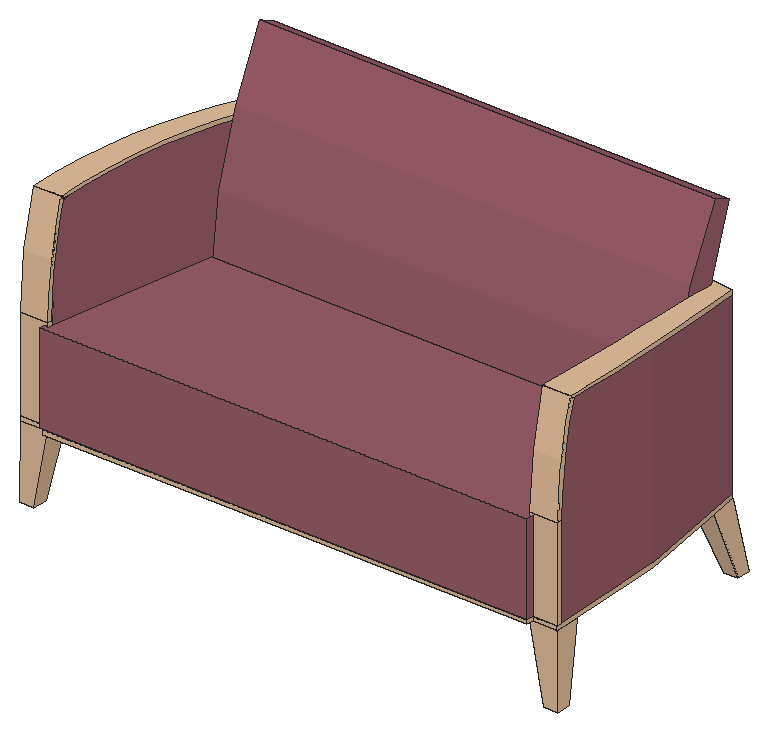
Revit family "FU_Sofa_Sandler_MAYFAIR 5-0", category Furniture, Revit 2020
Family settings
  OmniClass Number = 23.21.23.15.17
  Work Plane-Based = Yes
  Always vertical = No
  Cut with Voids When Loaded = No
  Shared = No
  Room Calculation Point = No
Parameters (values of type "Mayfair 5.0")
  Youtube clip = ""
  Uniformat II Description = "Movable Furnishings"
  Uniformat II Code = ""
  Uniclass 2015 Name = ""
  Uniclass 2015 Code = ""
  Uniclass 2.0 Description = ""
  Uniclass 2.0 Code = ""
  Uniclass 1.4 Description = ""
  Uniclass 1.4 Code = ""
  UNSPSC Code = ""
  Technical description = ""
  Shell Material = Fabric - X2 - Subtract AK013
  Frame Material = Wood - Beech - Natural Oak
  Region South America = "All"
  Region Oceania = "All"
  Region North America = "All"
  Region Middle East = "All"
  Region Europe = "All"
  Region Asia = "All"
  Region Antarctica = "All"
  Region Africa = "All"
  QR code = "https://www.sandlerseating.com/product/charme-5-0/"
  Product url = "https://www.sandlerseating.com/product/mayfair-5-0/"
  Product name = "CHARME 5.0"
  Product group = "Sofa"
  Product family = "Furniture"
  Product data url = "https://www.sandlerseating.com/product/mayfair-5-0/"
  Product certification = ""
  Product SKU = "??"
  Product Guid = "??"
  OmniClass Description = ""
  OmniClass Code = "23-21 23 15 17"
  NBS Reference Description = ""
  NBS Reference Code = ""
  Model = "Mayfair 5.0"
  Masterformat 2014 Description = "Sofa Mats"
  Masterformat 2014 Code = "12 48 43.13"
  Manufacturer name = "Sandler"
  Manufacturer country = "USA"
  Manufacturer = "Sandler"
  Installation instructions = ""
  IFC Classification = "Furnishing Element"
  GTIN code = ""
  Edition number = 1
  Design country = "Brasil"
  Description = "Upholstered sofa with beech frame."
  Default Elevation = 0.000 mm
  Date of publishing = ""
  COBIe Type Category = ""
  Brand url = "https://www.sandlerseating.com/"
  BIMobject main category code = "furniture"
  BIMobject main category = "Furniture"
  BIMobject category code = "furniture-sofa"
  BIMobject category = "Sofa"
Reference planes
  plane 1 "Center Front/Back": y = 0
  plane 2: z = 0
  plane 3 "Center Left/Right": x = 0
Forms (mm)
  Extrusion 1, solid, material "Fabric - X2 - Subtract AK013" <- "Shell Material"
    sketch origin (0, 116.204, 840) x (-1, 0, 0) y (0, -1, 0)
      loop
        line (634.059, 351.663) -> (568.472, 351.663)
        arc (568.472, 351.663) -> (567.394, 79.041) -> (538.919, -192.092) r 2708.786
        arc (538.919, -192.092) -> (407.379, -200.407) -> (275.58, -201.288) r 2335.36
        line (275.58, -201.288) -> (-275.58, -201.288)
        arc (-275.58, -201.288) -> (-407.379, -200.407) -> (-538.919, -192.092) r 2335.36
        arc (-538.919, -192.092) -> (-567.394, 79.041) -> (-568.472, 351.663) r 2708.786
        line (-568.472, 351.663) -> (-634.059, 351.663)
        arc (-634.059, 351.663) -> (-624.006, 57.422) -> (-576.932, -233.203) r 2330.348
        arc (-576.932, -233.203) -> (-430.106, -251.925) -> (-282.104, -253.819) r 1298.695
        line (-282.104, -253.819) -> (282.104, -253.819)
        arc (282.104, -253.819) -> (430.106, -251.925) -> (576.932, -233.203) r 1298.695
        arc (576.932, -233.203) -> (624.006, 57.422) -> (634.059, 351.663) r 2330.348
    from -656.991 to -186.435
  Extrusion 2, void
    sketch origin (0, 116.204, 0) x (0, 1, 0) y (0, 0, 1)
      loop
        arc (-346.641, 402.951) -> (-335.609, 525.269) -> (-308.303, 645.009) r 915.499
        arc (-308.303, 645.009) -> (-22.778, 634.001) -> (261.148, 601.887) r 3857.47
        line (261.148, 601.887) -> (261.148, 663.565) -> (-383.852, 663.565) -> (-383.852, 153.625) -> (-346.641, 153.625) -> (-346.641, 402.951)
    from -676.713 to 832.316
  Extrusion 3, solid, material "Wood - Beech - Natural Oak" <- "Frame Material"
    sketch origin (0, 116.204, 0) x (0, 1, 0) y (0, 0, 1)
      loop
        arc (-346.641, 402.951) -> (-335.609, 525.269) -> (-308.303, 645.009) r 915.499
        line (-308.303, 645.009) -> (-316.322, 653.028)
        arc (-316.322, 653.028) -> (-345.07, 529.432) -> (-356.641, 403.065) r 925.499
        line (-356.641, 403.065) -> (-356.641, 183.009) -> (-346.641, 183.009) -> (-346.641, 402.951)
    from -663.806 to -524.894
  Extrusion 4, void
    sketch origin (0, 116.204, 0) x (1, 0, 0) y (0, 0, 1)
      loop
        line (-634.916, 660.009) -> (-634.916, 175.009) -> (-568.701, 175.009) -> (-568.701, 402.953)
        spline (-568.701, 402.953) -> (-568.77, 424.733) -> (-568.85, 446.488) -> (-568.942, 468.206) -> (-569.045, 489.876) -> (-569.16, 511.485) -> (-569.286, 533.02) -> (-569.424, 554.469) -> (-569.572, 575.821) -> (-569.732, 597.063) -> (-569.903, 618.183) -> (-570.085, 639.169) -> (-570.277, 660.009)
        line (-570.277, 660.009) -> (-634.916, 660.009)
      loop
        line (-706.722, 702.891) -> (-706.722, 142.891) -> (-498.472, 142.891) -> (-498.472, 702.891) -> (-706.722, 702.891)
    from 251.304 to 401.4
  Extrusion 5, solid, material "Wood - Beech - Natural Oak" <- "Frame Material"
    sketch origin (0.625, 116.204, 0) x (0, 1, 0) y (0, 0, -1)
      loop
        line (-346.641, -402.951) -> (-346.641, -183.009) -> (-356.641, -183.009) -> (-356.641, -403.065)
        arc (-356.641, -403.065) -> (-345.07, -529.432) -> (-316.322, -653.028) r 925.499
        line (-316.322, -653.028) -> (-308.303, -645.009)
        arc (-308.303, -645.009) -> (-335.609, -525.269) -> (-346.641, -402.951) r 915.499
    from -663.806 to -524.894
  Extrusion 6, void
    sketch origin (1205.401, 117.605, 0) x (1, 0, 0) y (0, 0, 1)
      loop
        line (-634.916, 660.009) -> (-634.916, 175.009) -> (-568.701, 175.009) -> (-568.701, 402.953)
        spline (-568.701, 402.953) -> (-568.77, 424.733) -> (-568.85, 446.488) -> (-568.942, 468.206) -> (-569.045, 489.876) -> (-569.16, 511.485) -> (-569.286, 533.02) -> (-569.424, 554.469) -> (-569.572, 575.821) -> (-569.732, 597.063) -> (-569.903, 618.183) -> (-570.085, 639.169) -> (-570.277, 660.009)
        line (-570.277, 660.009) -> (-634.916, 660.009)
      loop
        line (-706.722, 702.891) -> (-706.722, 142.891) -> (-498.472, 142.891) -> (-498.472, 702.891) -> (-706.722, 702.891)
    from 251.304 to 401.4
  Extrusion 7, solid, material "Wood - Beech - Natural Oak" <- "Frame Material"
    sketch origin (0, 116.204, 0) x (0, 1, 0) y (0, 0, 1)
      loop
        arc (-308.303, 645.009) -> (-25.833, 634.231) -> (255.089, 602.796) r 3857.47
        line (255.089, 602.796) -> (255.089, 612.796)
        arc (255.089, 612.796) -> (-29.806, 644.432) -> (-316.322, 653.028) r 3557.493
        line (-316.322, 653.028) -> (-308.303, 645.009)
    from -662.413 to 665.353
  Extrusion 8, void
    sketch origin (0, 116.204, 840) x (-1, 0, 0) y (0, -1, 0)
      loop
        arc (576.932, -233.203) -> (623.76, 54.922) -> (634.2, 346.641) r 2330.348
        line (634.2, 346.641) -> (568.701, 346.641)
        arc (568.701, 346.641) -> (567.257, 76.531) -> (538.919, -192.092) r 2708.786
        arc (538.919, -192.092) -> (407.379, -200.407) -> (275.58, -201.288) r 2335.36
        line (275.58, -201.288) -> (-275.58, -201.288)
        arc (-275.58, -201.288) -> (-407.379, -200.407) -> (-538.919, -192.092) r 2335.36
        arc (-538.919, -192.092) -> (-567.257, 76.531) -> (-568.701, 346.641) r 2708.786
        line (-568.701, 346.641) -> (-634.2, 346.641)
        arc (-634.2, 346.641) -> (-623.76, 54.922) -> (-576.932, -233.203) r 2330.348
        arc (-576.932, -233.203) -> (-430.106, -251.925) -> (-282.104, -253.819) r 1298.695
        line (-282.104, -253.819) -> (282.104, -253.819)
        arc (282.104, -253.819) -> (430.106, -251.925) -> (576.932, -233.203) r 1298.695
      loop
        line (696.539, -294.586) -> (696.539, 385.414) -> (-703.461, 385.414) -> (-703.461, -294.586) -> (696.539, -294.586)
    from -250.361 to -140
  Extrusion 9, solid, material "Fabric - X2 - Subtract AK013" <- "Shell Material"
    sketch origin (0, 116.204, 0) x (0, 1, 0) y (0, 0, 1)
      loop
        line (273.096, 777.609) -> (233.231, 796.281)
        arc (233.231, 796.281) -> (132.747, 567.702) -> (90.726, 321.573) r 1021.367
        line (90.726, 321.573) -> (201.288, 321.573)
        arc (201.288, 321.573) -> (204.845, 554.685) -> (273.096, 777.609) r 829.926
    from -538.919 to 538.919
  Extrusion 10, solid, material "Fabric - X2 - Subtract AK013" <- "Shell Material"
    sketch origin (0, 116.204, 0) x (0, 1, 0) y (0, 0, 1)
      loop
        line (-371.58, 183.009) -> (212.092, 183.009) -> (212.092, 343.733)
        arc (212.092, 343.733) -> (-78.494, 383.988) -> (-371.58, 396.718) r 3113.804
        line (-371.58, 396.718) -> (-371.58, 183.009)
    from -576.932 to 576.932
  Blend 11, solid, material "Wood - Beech - Natural Oak" <- "Frame Material"
    base sketch origin (-1.169, 122.065, 840) x (-1, 0, 0) y (0, -1, 0)
      loop
        line (633.747, 362.502) -> (600.838, 362.502) -> (600.838, 329.602) -> (633.747, 329.602) -> (633.747, 362.502)
    top sketch origin (-1.169, 122.065, 840) x (-1, 0, 0) y (0, -1, 0)
      loop
        line (633.747, 305.576) -> (633.747, 362.502) -> (568.701, 362.502) -> (568.701, 305.576) -> (633.747, 305.576)
    from -840 to -666.991
  Blend 12, solid, material "Wood - Beech - Natural Oak" <- "Frame Material"
    base sketch origin (7.5, 151.204, 840) x (-1, 0, 0) y (0, -1, 0)
      loop
        line (585.267, -244.344) -> (585.267, -212.092) -> (553.548, -212.092) -> (553.548, -244.344) -> (585.267, -244.344)
    top sketch origin (7.5, 151.204, 840) x (-1, 0, 0) y (0, -1, 0)
      loop
        line (529.326, -141.495) -> (529.326, -198.561) -> (584.54, -198.561) -> (584.54, -141.495) -> (529.326, -141.495)
    from -840 to -666.991
  Blend 13, solid, material "Wood - Beech - Natural Oak" <- "Frame Material"
    base sketch origin (2.952, 122.065, 840) x (1, 0, 0) y (0, 1, 0)
      loop
        line (633.747, -362.502) -> (633.747, -329.602) -> (600.838, -329.602) -> (600.838, -362.502) -> (633.747, -362.502)
    top sketch origin (2.952, 122.065, 840) x (1, 0, 0) y (0, 1, 0)
      loop
        line (633.747, -305.576) -> (568.701, -305.576) -> (568.701, -362.502) -> (633.747, -362.502) -> (633.747, -305.576)
    from -840 to -666.991
  Blend 14, solid, material "Wood - Beech - Natural Oak" <- "Frame Material"
    base sketch origin (-6.025, 151.204, 840) x (1, 0, 0) y (0, 1, 0)
      loop
        line (585.267, 244.344) -> (553.548, 244.344) -> (553.548, 212.092) -> (585.267, 212.092) -> (585.267, 244.344)
    top sketch origin (-6.025, 151.204, 840) x (1, 0, 0) y (0, 1, 0)
      loop
        line (529.326, 141.495) -> (584.54, 141.495) -> (584.54, 198.561) -> (529.326, 198.561) -> (529.326, 141.495)
    from -840 to -666.991
  Extrusion 15, solid, material "Wood - Beech - Natural Oak" <- "Frame Material"
    sketch origin (0, 116.204, 0) x (1, 0, 0) y (0, 1, 0)
      loop
        line (-633.909, -356.641) -> (-568.701, -356.641) -> (-568.701, -371.58) -> (576.932, -371.58) -> (576.932, -356.641) -> (633.909, -356.641)
        arc (633.909, -356.641) -> (624.246, -59.901) -> (576.932, 233.203) r 2330.348
        arc (576.932, 233.203) -> (430.106, 251.925) -> (282.104, 253.819) r 1298.695
        line (282.104, 253.819) -> (-282.104, 253.819)
        arc (-282.104, 253.819) -> (-430.106, 251.925) -> (-576.932, 233.203) r 1298.695
        arc (-576.932, 233.203) -> (-624.246, -59.901) -> (-633.909, -356.641) r 2330.348
    from 173.009 to 183.009
Cuts and joins
  Extrusion 2 cuts Extrusion 1
  Extrusion 4 cuts Extrusion 3
  Extrusion 6 cuts Extrusion 5
  Extrusion 8 cuts Extrusion 7
Dimensions and locks
  aligned and locked: level to plane 2
